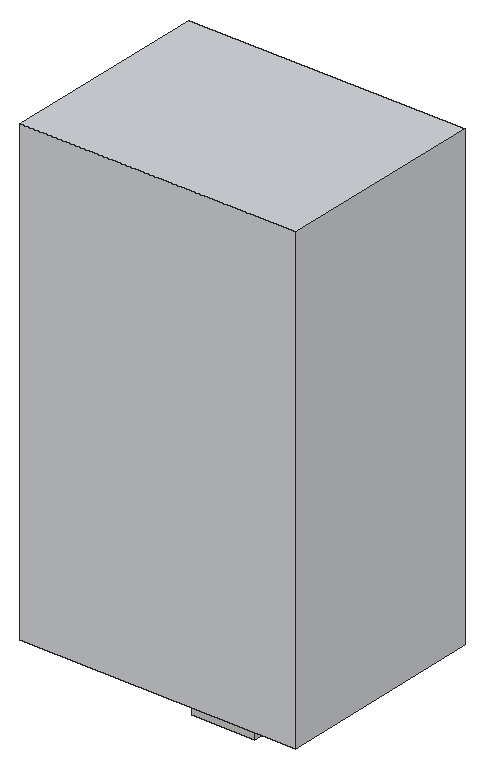
Revit family
Parameters
  Warranty Duration (Years) = 0
  Unit Width [instance] = 0' - 0"
  Unit Height [instance] = 0' - 0"
  Unit Depth = 0' - 0"
  URL = "http://www.americanspecialties.com/viewCategories.cfm"
  Trim Material = Metal - Stainless Steel
  Test Data = ""
  Specification = "http://www.arcat.com/sdspecs/htm/10810asi.htm"
  SpecWizard = ""
  Send Message = "http://www.arcat.com/users.pl?action=UserEmail&company=American%20Specialties,%20Inc.&coid=30448&rep=139&fax=914-476-0688&mf="
  Sales Information = "http://www.americanspecialties.com/contact"
  Revision = "R1_10-2010"
  Product Properties = "http://www.americanspecialties.com/datasheets/1002.pdf"
  Product Data = "http://www.arcat.com/arcatcos/cos30/arc30448.html"
  Model = "As Specified in 10 28 13"
  Manufacturer Website = "http://www.americanspecialties.com/viewCategories.cfm"
  Manufacturer Phone - Toll Free = ""
  Manufacturer Phone = "914-476-9000 "
  Manufacturer Fax = "914-476-0688"
  Manufacturer Address = "441 Saw Mill River Rd., Yonkers, NY 10701"
  Manufacturer = "American Specialties, Inc."
  Maintenance Schedule (Months) = 0
  Keynote = "10 28 13"
  Installation-Fabrication = "http://www.americanspecialties.com/products.cfm"
  Green Building-LEED = ""
  Expected Lifespan (Years) = 0
  Drawn By = "Robert S. Weygant. CSI, CDT, SCIP"  # constant formula
  Description = "Toilet Accessory as Specified in 10 28 13"
  Default Elevation = 4' - 0"
  Copyright = "©Arcat Inc."
  Construction Details = "http://www.arcat.com/green/clients/leed_data_30448.html"
  Building Codes = "http://www.americanspecialties.com/products.cfm"
  Body Material = Metal - Stainless Steel
  Assembly Code = "C1030210"
Reference planes (in)
  plane 1 "Center (Front/Back)": y = -0.29112
  plane 2 "Floor Line": z = 0
  plane 3 "Center (Left/Right)": x = -0.65843
Forms (in)
  Extrusion 1, solid
    sketch origin (-3, -9, -6) x (0, 0, -1) y (1, 0, 0)
      loop
        line (-82, 26) -> (-82, -19.34712) -> (-6, -19.34712) -> (-6, 26) -> (-82, 26)
    from 9 to -25.60721
  Extrusion 2, solid, material "Metal - Stainless Steel" <- "Body Material"
    sketch origin (0, 0, 0) x (1, 0, 0) y (0, 1, 0)
      loop
        line (-7.78343, 3.70888) -> (-7.78343, -4.29112) -> (6.46657, -4.29112) -> (6.46657, 3.70888) -> (-7.78343, 3.70888)
      loop
        line (-5.90843, -3.29112) -> (4.59157, -3.29112) -> (4.59157, 2.70888) -> (-5.90843, 2.70888) -> (-5.90843, -3.29112)
    from 0 to 0.09375
  Extrusion 3, solid, material "Metal - Stainless Steel" <- "Body Material"
    sketch origin (0, 0, 0.625) x (1, 0, 0) y (0, 1, 0)
      loop
        line (-5.84593, 0.70888) -> (4.52907, 0.70888) -> (4.52907, 2.70888) -> (-5.84593, 2.70888) -> (-5.84593, 0.70888)
      loop
        line (-5.84593, -1.29112) -> (-5.84593, -3.29112) -> (4.52907, -3.29112) -> (4.52907, -1.29112) -> (-5.84593, -1.29112)
    from -0.625 to -12.25
  Extrusion 4, void
    sketch origin (0, 0, 0) x (1, 0, 0) y (0, 1, 0)
      loop
        line (-5.90843, 2.70888) -> (-5.90843, -3.29112) -> (4.59157, -3.29112) -> (4.59157, 2.70888) -> (-5.90843, 2.70888)
    from 0 to -11.625
Cuts and joins
  Extrusion 4 cuts Extrusion 2
Dimensions and locks (in)
  aligned and locked: Extrusion 1 to level
  aligned and locked: Extrusion 3 to Extrusion 2  (x2)
